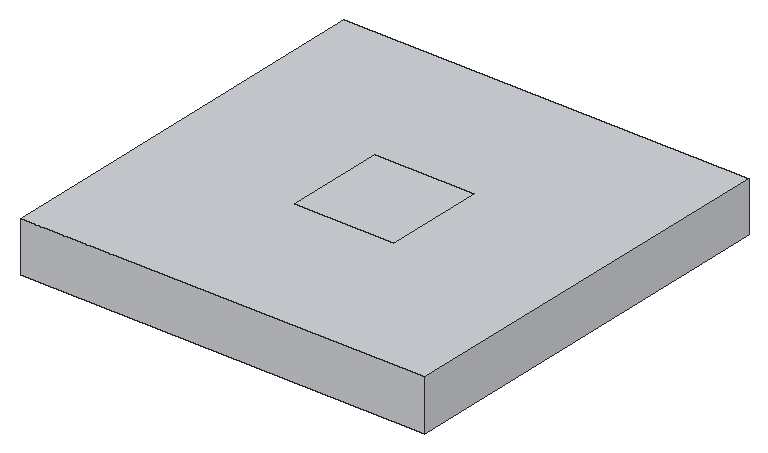
Revit family "M_Difusor de fornecimento - Hospedado", category Terminais de ar, Revit 2019
Family settings
  Hospedeiro = Face
  Cota do conector redondo = Utilizar diâmetro
  Tipo de parte = Normal
  Número OmniClass = 23.75.70.21.27.11
  Título OmniClass = Diffusers, Registers, and Grilles
  ID de item do Seek = Supply Diffuser - Hosted-0000-CAN-ENU
  Corte com vazios quando carregada = Não
  Compartilhado = Não
  Ponto de cálculo do ambiente = Não
Parameters (values of type "Plano de trabalho-Difusor de fornecimento base")
  Largura 1 = Largura do difusor * 0.65  # 390 mm
  Altura do duto = Largura do duto  # 300 mm
  Largura do difusor = 600 mm
  SetaAcima [instance] = yes
  Queda de pressão [instance] = 14.0 Pa
  SetaDireita [instance] = yes
  SetaEsquerda [instance] = yes
  Fluxo [instance] = 235.0 L/s
  SetaparaBaixo [instance] = yes
  Altura do difusor = Largura do difusor  # 600 mm
  Elevação-padrão = 1200 mm
  Largura do duto = 300 mm
  Assembly Code = ""
Reference planes
  plane 1 "Centro (Frente/Trás)": y = 0
  plane 2: z = 0
  plane 3 "Centro (Esquerda/Direita)": x = 0
Forms (mm)
  Extrusion 1, solid
    sketch origin (0, 0, 0) x (1, 0, 0) y (0, 1, 0)
      loop
        line (-1219.2, 1219.2) -> (-1219.2, -1219.2) -> (1219.2, -1219.2) -> (1219.2, 1219.2) -> (-1219.2, 1219.2)
    from 0 to -304.8
  Blend 2, solid
    base sketch origin (-54.328, -11.035, 0) x (1, 0, 0) y (0, 1, 0)
      loop
        line (-95.672, 161.035) -> (-95.672, -138.965) -> (204.328, -138.965) -> (204.328, 161.035) -> (-95.672, 161.035)
    top sketch origin (-54.328, -11.035, 0) x (1, 0, 0) y (0, 1, 0)
      loop
        line (-245.672, 311.035) -> (-245.672, -288.965) -> (354.328, -288.965) -> (354.328, 311.035) -> (-245.672, 311.035)
    from -101.852 to 0
Lines and regions (mm)
  symbolic lines
    curve 1: line (-300, 300, 0) -> (-300, -300, 0)
    curve 2: line (-300, -300, 0) -> (300, -300, 0)
    curve 3: line (300, -300, 0) -> (300, 300, 0)
    curve 4: line (300, 300, 0) -> (-300, 300, 0)
    curve 5: line (-300, 300, 0) -> (300, -300, 0)
    curve 6: line (300, 300, 0) -> (-300, -300, 0)
Dimensions and locks
  equal spacing: Blend 2 sketch curve, plane 3 "Centro (Esquerda/Direita)", Blend 2 sketch curve  (x2)
  "Largura do difusor": Blend 2 sketch curve to Blend 2 sketch curve
  equal spacing: Blend 2 sketch curve, plane 1 "Centro (Frente/Trás)", Blend 2 sketch curve  (x2)
  "Altura do difusor": Blend 2 sketch curve to Blend 2 sketch curve
  "Largura do duto": Blend 2 sketch curve to Blend 2 sketch curve
  "Altura do duto": Blend 2 sketch curve to Blend 2 sketch curve
  "Largura 1": nested 1 to plane 3 "Centro (Esquerda/Direita)"
  "Largura 1": plane 1 "Centro (Frente/Trás)" to nested 2
  "Largura 1": plane 3 "Centro (Esquerda/Direita)" to nested 3
  "Largura 1": plane 1 "Centro (Frente/Trás)" to nested 4
  aligned and locked: plane 2 to Extrusion 1
  aligned and locked: level to Extrusion 1
  aligned and locked: level to Blend 2
  aligned and locked: Blend 2 to curve 1
  aligned and locked: curve 2 to Blend 2
  aligned and locked: curve 3 to Blend 2
  aligned and locked: curve 4 to Blend 2
Automatic sketch dimensions
  Extrusion 1 sketch curve to Extrusion 1 sketch curve = 2438.4 mm  (x2)
Nested families
  nested 1: "M_Seta do terminal do duto" at (-390, 0, 0) x (-1, 0, 0) z (0, 0, 1), visible <- "SetaEsquerda", type "Seta do terminal do duto"
  nested 2: "M_Seta do terminal do duto" at (0, 390, 0) x (0, 1, 0) z (0, 0, 1), visible <- "SetaparaBaixo", type "Seta do terminal do duto"
  nested 3: "M_Seta do terminal do duto" at (390, 0, 0), visible <- "SetaDireita", type "Seta do terminal do duto"
  nested 4: "M_Seta do terminal do duto" at (0, -390, 0) x (0, -1, 0) z (0, 0, 1), visible <- "SetaAcima", type "Seta do terminal do duto"
Connectors
  hvac at (0, 0, -101.852), driven by "Largura do duto", driven by "Largura do duto", driven by "Fluxo", driven by "Queda de pressão"
    settings: on Blend 2, index 0, duct flow 235.0 L/s, flow factor 0, pres drop 14.0 Pa, loss coef 0, conn angle 0.00°, conn width 300 mm, conn height 300 mm, conn diameter 609.6 mm, duct sys type 1, conn prof type 1, flow config 1, flow direction 1, loss method 4, conn ref index -1, conn util no, is conn primary yes, conn desc ""
Definition of nested family "M_Seta do terminal do duto"
  Parameters
    Largura = (Comprimento / 2) / cos(15.00°)  # 25.882 mm
    Comprimento = 50 mm
  Reference planes
    plane 1 "Centro (Frente/Trás)": y = 0
    plane 2: z = 0
    plane 3 "Centro (Esquerda/Direita)": x = 0
  Lines and regions (mm)
    Filled region 1, type "Bloco de concreto", in view "Nível de referência"
      outline origin (0, 0, 0) x (1, 0, 0) y (0, 1, 0)
        loop
          line (25, 6.699) -> (25, -6.699) -> (50, 0) -> (25, 6.699)
    detail lines, in view "Nível de referência"
      curve 1: line (0, 0, 0) -> (50, 0, 0)
      curve 2: line (50, 0, 0) -> (25, 6.699, 0)
      curve 3: line (50, 0, 0) -> (25, -6.699, 0)
      curve 4: line (25, 6.699, 0) -> (25, -6.699, 0)
  Dimensions and locks
    "Comprimento": curve 1 to curve 1
    "Largura": curve 2 to curve 2
    "Largura": curve 3 to curve 3
    locked: curve 2 to curve 1 (angle 15.00°)
    locked: curve 1 to curve 3 (angle 15.00°)
    aligned and locked: plane 3 "Centro (Esquerda/Direita)" to curve 1
    aligned and locked: plane 1 "Centro (Frente/Trás)" to curve 1
    aligned and locked: Filled region 1 sketch curve to curve 4
    aligned and locked: Filled region 1 sketch curve to curve 2
    aligned and locked: Filled region 1 sketch curve to curve 3
